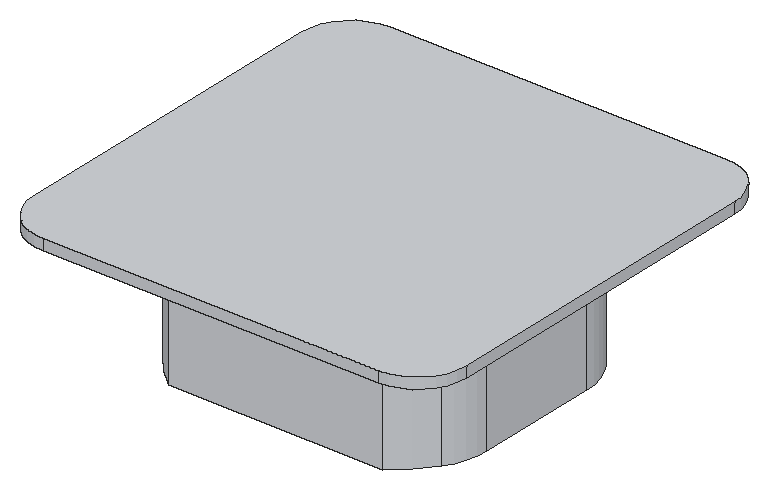
Revit family "Gira_540800", category Electrical Fixtures, host Face, Revit 2017
Family settings
  Host = Face
  Maintain Annotation Orientation = Yes
  Round Connector Dimension = Use Diameter
  Part Type = Normal
  Cut with Voids When Loaded = No
  Shared = No
  Room Calculation Point = No
Parameters (values of type "S3000 Nebenst.eins. 2-Draht Einsatz")
  Zusammenstellung = "Basiselement"
  Werkstoffgüte = "sonstige"
  Werkstoff = "sonstige"
  URL = "http://katalog.gira.de/de_DE/datenblatt.html?artikelnr=540800"
  Transparent = "No"
  Region = "DE"
  Oberfläche = "sonstige"
  Name = "S3000 Nebenst.eins. 2-Draht Einsatz"
  Montageart = "unter Putz"
  Manufacturer URL = "https://www.gira.de/"
  Lastart = "universal"
  Keynote = "Einsatz_1fach"
  HeinzeBIM = "https://bimportal.heinze.de/bim/s3000-nebenst-eins-2-draht-einsatz/ac932d181f8ed5ef6291aa634bf2f01df2c4c7d6"
  HAN = "540800"
  GTIN = "4010337048312"
  Default Elevation = 1219.2 mm
  Data sheet (1) = "https://katalog.gira.de/de_DE/download.html?artikelnr=540800"
  Category = "Elektronischer Schalter"
  Befestigungsart = "Krallen-/Schraubbefestigung"
  Available = "Yes"
  Ausführung der Oberfläche = "nicht zutreffend"
  Ausführung = "Nebenstelle"
Reference planes
  plane 1 "Center (Front/Back)": y = 0
  plane 2: z = 0
  plane 3 "Center (Left/Right)": x = 0
Forms (mm)
  Extrusion 1, solid, detail levels fine
    sketch origin (0, 0, 0) x (1, 0, 0) y (0, 1, 0)
      loop
        line (27.475, 35.475) -> (-27.475, 35.475)
        arc (-27.475, 35.475) -> (-33.132, 33.132) -> (-35.475, 27.475) r 8
        line (-35.475, 27.475) -> (-35.475, -27.475)
        arc (-35.475, -27.475) -> (-33.132, -33.132) -> (-27.475, -35.475) r 8
        line (-27.475, -35.475) -> (27.475, -35.475)
        arc (27.475, -35.475) -> (33.132, -33.132) -> (35.475, -27.475) r 8
        line (35.475, -27.475) -> (35.475, 27.475)
        arc (35.475, 27.475) -> (33.132, 33.132) -> (27.475, 35.475) r 8
    from 0 to 1.8
  Extrusion 2, solid, detail levels fine
    sketch origin (0, 0, 0) x (1, 0, 0) y (0, 1, 0)
      loop
        line (9.678, 25.4) -> (-9.678, 25.4)
        arc (-9.678, 25.4) -> (-12.885, 24.922) -> (-15.814, 23.53) r 11
        arc (-15.814, 23.53) -> (-17.795, 22.07) -> (-19.641, 20.444) r 28.35
        arc (-19.641, 20.444) -> (-21.339, 18.665) -> (-22.876, 16.745) r 28.35
        arc (-22.876, 16.745) -> (-24.456, 13.666) -> (-25, 10.248) r 11
        line (-25, 10.248) -> (-25, -10.248)
        arc (-25, -10.248) -> (-24.456, -13.666) -> (-22.876, -16.745) r 11
        arc (-22.876, -16.745) -> (-20.409, -19.677) -> (-17.569, -22.25) r 28.35
        line (-17.569, -22.25) -> (17.569, -22.25)
        arc (17.569, -22.25) -> (20.409, -19.677) -> (22.876, -16.745) r 28.35
        arc (22.876, -16.745) -> (24.456, -13.666) -> (25, -10.248) r 11
        line (25, -10.248) -> (25, 10.248)
        arc (25, 10.248) -> (24.456, 13.666) -> (22.876, 16.745) r 11
        arc (22.876, 16.745) -> (21.593, 18.37) -> (20.195, 19.897) r 28.35
        arc (20.195, 19.897) -> (18.096, 21.823) -> (15.814, 23.53) r 28.35
        arc (15.814, 23.53) -> (12.885, 24.922) -> (9.678, 25.4) r 11
    from 0 to -22
  Extrusion 3, solid, detail levels medium
    sketch origin (0, 0, 0) x (1, 0, 0) y (0, 1, 0)
      loop
        line (-25, 25.4) -> (-25, -22.25) -> (25, -22.25) -> (25, 25.4) -> (-25, 25.4)
    from 0 to -22
  Extrusion 4, solid, detail levels coarse
    sketch origin (0, 0, 0) x (1, 0, 0) y (0, 1, 0)
      loop
        line (35.475, 35.475) -> (-35.475, 35.475) -> (-35.475, -35.475) -> (35.475, -35.475) -> (35.475, 35.475)
    from -22 to 1.8
  Extrusion 5, solid, detail levels medium
    sketch origin (0, 0, 0) x (1, 0, 0) y (0, 1, 0)
      loop
        line (35.475, 35.475) -> (-35.475, 35.475) -> (-35.475, -35.475) -> (35.475, -35.475) -> (35.475, 35.475)
    from 0 to 1.8
Dimensions and locks
  aligned and locked: plane 2 to host face
  aligned and locked: level to host face
  aligned and locked: plane 3 "Center (Left/Right)" to nested 1
  aligned and locked: plane 1 "Center (Front/Back)" to nested 1
Nested families
  nested 1: "RJ45-Datendose Beschriftung" at (0, 0, 0), type "RJ45-Datendose Beschriftung"
Connectors
  electrical at (0, 0, -22)
    settings: on Extrusion 4, index 1, voltage 220 V, apparent load 0 VA, apparent load phase1 0 VA, apparent load phase2 0 VA, apparent load phase3 0 VA, power factor 1, load classification "Other", number of poles 1, system type 30, power factor state 1, is connector primary yes, connector utility no, sub classification motor no, connector description ""
Definition of nested family "RJ45-Datendose Beschriftung"
  Reference planes
    plane 1: y = 0
    plane 2: x = 0
  Lines and regions (mm)
    Filled region 1, type "Gefüllter Bereich 1"
      outline origin (0, 0, 0) x (1, 0, 0) y (0, 1, 0)
        loop
          circle (0, 2.4) r 0.4
    detail lines
      curve 1: line (0, 0, 0) -> (0, 2, 0)
      curve 2: line (0, 2, 0) -> (1.2, 2, 0)
      curve 3: line (1.2, 2, 0) -> (1.2, 3.6, 0)
      curve 4: circle (0, 2.4, 0) r 0.4 normal (0, 0, 1)
      curve 5: line (0, 2, 0) -> (-1.2, 2, 0)
      curve 6: line (-1.2, 2, 0) -> (-1.2, 3.6, 0)
